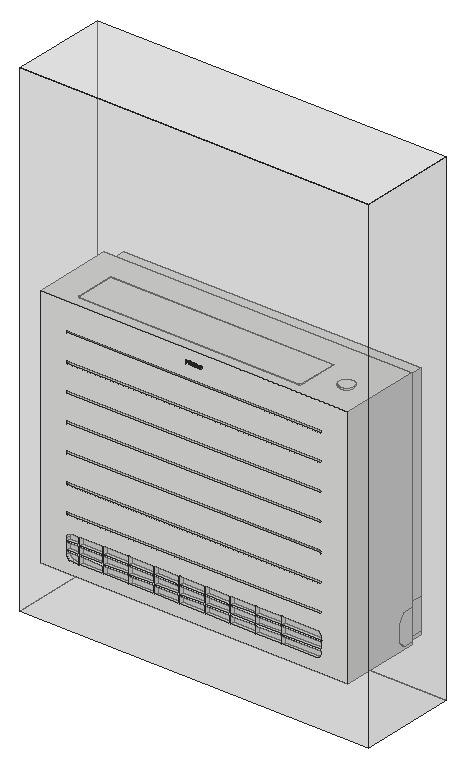
Revit family "outputfile", category 機械設備, Revit 2024
Family settings
  丸型コネクタ寸法 = 半径を使用
  パーツ タイプ = 標準
  OmniClass 番号 = 23.75.10.24.21.27.27
  OmniClass タイトル = Split System Air Conditioning Units
  作業面ベース = いいえ
  常に垂直 = はい
  ロード時にボイドで切り取り = いいえ
  注釈の向きを維持 = いいえ
  共有 = いいえ
  部屋計算ポイント = いいえ
Parameters (values of type "FVXM35YVMA")
  Description = ""
  書き出し IFC クラス(タイプ) = "IfcUnitaryEquipmentType"
  定義済み IFC タイプ(タイプ) = "AIRCONDITIONINGUNIT"
  Cost = 0
  Type Comments = ""
  Keynote = ""
  Type Image = (empty or 0)
  Assembly Code = ""
  switch_frequency = yes
  lw_powersupply [instance] = if(or(Rear Right Connection_refrigerant, Bottom Right Connection_refrigerant), 40.0 mm, if(or(Rear Left Connection_refrigerant, Bottom Left Connection_refrigerant), 630.0 mm, 40.0 mm))  # 40.0 mm
  lw_liquidpipe [instance] = if(or(Rear Right Connection_refrigerant, Bottom Right Connection_refrigerant), 60.0 mm, if(or(Rear Left Connection_refrigerant, Bottom Left Connection_refrigerant), 650.0 mm, 60.0 mm))  # 60.0 mm
  lw_gaspipe [instance] = if(or(Rear Right Connection_refrigerant, Bottom Right Connection_refrigerant), 60.0 mm, if(or(Rear Left Connection_refrigerant, Bottom Left Connection_refrigerant), 650.0 mm, 60.0 mm))  # 60.0 mm
  lw_drainpipe [instance] = if(or(Rear Right Connection_refrigerant, Bottom Right Connection_refrigerant), 80.0 mm, if(or(Rear Left Connection_refrigerant, Bottom Left Connection_refrigerant), 680.0 mm, 80.0 mm))  # 80.0 mm
  lh_liquidpipe [instance] = if(or(Bottom Left Connection_refrigerant, Bottom Right Connection_refrigerant), 258.0 mm, 60.0 mm)  # 60.0 mm
  lh_gaspipe [instance] = if(or(Bottom Left Connection_refrigerant, Bottom Right Connection_refrigerant), 211.0 mm, 40.0 mm)  # 40.0 mm
  lh_drainpipe [instance] = if(or(Bottom Left Connection_refrigerant, Bottom Right Connection_refrigerant), 95.0 mm, 20.0 mm)  # 20.0 mm
  ld_liquidpipe [instance] = if(or(Rear Left Connection_refrigerant, Rear Right Connection_refrigerant), 147.0 mm, 40.0 mm)  # 40.0 mm
  ld_gaspipe [instance] = if(or(Rear Left Connection_refrigerant, Rear Right Connection_refrigerant), 130.0 mm, 30.0 mm)  # 30.0 mm
  ld_drainpipe [instance] = if(or(Rear Left Connection_refrigerant, Rear Right Connection_refrigerant), 123.0 mm, 30.0 mm)  # 30.0 mm
  l_powersupply_length [instance] = if(Right Connection_refrigerant, 40.0 mm - 14.0 mm, if(Left Connection_refrigerant, 750.0 mm - 40.0 mm - 14.0 mm, if(or(Rear Left Connection_refrigerant, Rear Right Connection_refrigerant), 30.0 mm, 74.0 mm)))  # 26.0 mm
  l_liquidpipe_length [instance] = if(Right Connection_refrigerant, 60.0 mm - 14.0 mm, if(Left Connection_refrigerant, 750.0 mm - 60.0 mm - 14.0 mm, if(or(Rear Left Connection_refrigerant, Rear Right Connection_refrigerant), 147.0 mm, 258.0 mm)))  # 46.0 mm
  l_gaspipe_length [instance] = if(Right Connection_refrigerant, 60.0 mm - 14.0 mm, if(Left Connection_refrigerant, 750.0 mm - 60.0 mm - 14.0 mm, if(or(Rear Left Connection_refrigerant, Rear Right Connection_refrigerant), 130.0 mm, 211.0 mm)))  # 46.0 mm
  l_drainpipe_length [instance] = if(Right Connection_refrigerant, 80.0 mm - 14.0 mm, if(Left Connection_refrigerant, 750.0 mm - 80.0 mm - 14.0 mm, if(or(Rear Left Connection_refrigerant, Rear Right Connection_refrigerant), 123.0 mm, 95.0 mm)))  # 66.0 mm
  daikin_mountinghole = Depth = 350.0 mm  # no
  connector_voltage = Voltage_60Hz  # 220 V
  connector_powerinput = [Power Input (Cooling)]  # 0.830 kW
  connector_phase = Phase_60Hz  # 1
  angle_vertical [instance] = if(or(Bottom Left Connection_refrigerant, Bottom Right Connection_refrigerant), 0.00°, 90.00°)  # 90.00°
  angle_horizontal [instance] = if(Right Connection_refrigerant, 90.00°, if(Left Connection_refrigerant, -90.00°, if(or(Rear Left Connection_refrigerant, Rear Right Connection_refrigerant), 180.00°, 0.00°)))  # 90.00°
  Voltage_comment_60Hz = "220-230"
  Voltage_comment_50Hz = "220 - 240"
  Voltage_60Hz = 220 V
  Voltage_50Hz = 230 V
  URL = ""
  Total Heating Capacity [instance] = 0.000 kW
  Right Connection_refrigerant [instance] = yes
  製造元 = "Daikin"
  モデル = "FVXM35YVMA"
  r_Liquid Pipe Size = Liquid Pipe Size / 2  # 3.2 mm
  r_Gas Pipe Size = Gas Pipe Size / 2  # 4.75 mm
  r_Drain Pipe Size = Drain Pipe Size / 2  # 8.0 mm
  h*** = 0.0 mm  # constant formula
  Width = 750.0 mm
  Version = "ver.1.0"
  Unit Type = "Floor Standing"
  Unit Mass Weight = 18.00 kg
  Unit Designation [instance] = ""
  Uniclass2015Version = "Products v1.30"
  Uniclass2015Title = "Split coil room air conditioning units"
  Uniclass2015Code = "Pr_70_65_03_86"
  Total Cooling Capacity [instance] = 0.000 kW
  Sound Pressure Level_M speed (dBA) = 33
  Sound Pressure Level_L speed (dBA) = 27
  Sound Pressure Level_H speed (dBA) = 39
  Sound Power Level_H speed (dB) = 0
  Series = "Single Split_Fan Coil Unit"
  Sensible Cooling Capacity [instance] = 0.000 kW
  Refrigerant Type = "R32"
  Rear Right Connection_refrigerant [instance] = no
  Rear Left Connection_refrigerant [instance] = no
  Power Input (Heating) = 1.120 kW
  Power Input (Cooling) = 0.830 kW
  Phase_60Hz = 1
  Phase_50Hz = 1
  Option Accessory 3 [instance] = ""
  Option Accessory 2 [instance] = ""
  Option Accessory 1 [instance] = ""
  Nominal Heating Capacity = 4.500 kW
  Nominal Cooling Capacity = 3.500 kW
  Minimum External Static Pressure = 0.00 Pa
  Minimum Circuit Amps_60Hz = 0.0 A
  Minimum Circuit Amps_50Hz = 0.0 A
  Minimum Airflow = 306.00 m³/h
  Median Airflow = 402.00 m³/h
  Maximum Fuse Amps_60Hz = 0.0 A
  Maximum Fuse Amps_50Hz = 0.0 A
  Maximum External Static Pressure = 0.00 Pa
  Maximum Airflow = 540.00 m³/h
  Material_Casing = DAIKIN_White_Casing_indoorunit
  Load Classification = HVAC
  Liquid Pipe Size = 6.4 mm
  Link_Nested Family [instance] = ""
  Left Connection_refrigerant [instance] = no
  IfcVersion = ""
  IfcExportType = "AIRCONDITIONINGUNIT"
  IfcExportAs = "IfcUnitaryEquipmentType"
  Height = 600.0 mm
  Heating Entering Wet Bulb Temperature [instance] = -273.15 °C
  Heating Entering Dry Bulb Temperature [instance] = -273.15 °C
  Heating Ambient Wet Bulb Temperature [instance] = -273.15 °C
  Heating Ambient Dry Bulb Temperature [instance] = -273.15 °C
  Heat Exchanger Type = "Cross Fin Coil"
  Gas Pipe Size = 9.5 mm
  Frequency_60Hz = 60 Hz
  Frequency_50Hz = 50 Hz
  Fan Type = "Turbo Fan"
  Fan Drive = "-"
  FCU Tag No. [instance] = ""
  Drain Pipe Size = 16.0 mm
  Design Supply Airflow [instance] = 0.00 m³/h
  Design External Static Pressure [instance] = 0.00 Pa
  Depth = 238.0 mm
  既定の高さ = 0.0 mm
  Cooling Entering Wet Bulb Temperature [instance] = 0.00 °C
  Cooling Entering Dry Bulb Temperature [instance] = 0.00 °C
  Cooling Ambient Wet Bulb Temperature [instance] = 0.00 °C
  Cooling Ambient Dry Bulb Temperature [instance] = 0.00 °C
  Clearance visibility [instance] = yes
  Clearance Top = 467.0 mm
  Clearance Right = 50.0 mm
  Clearance Rear = 0.0 mm
  Clearance Left = 50.0 mm
  Clearance Front = 0.0 mm
  Clearance Bottom = 120.0 mm
  Bottom Right Connection_refrigerant [instance] = no
  Bottom Left Connection_refrigerant [instance] = no
Reference planes
  plane 1: z = 0
  plane 2 "Center (Left/Right)": x = 0
  plane 3 "Center (Front/Back)": y = -23
  plane 4 "Front": y = -142
  plane 5: x = 315
  plane 6: x = 315
  plane 7: z = 0
  plane 8: z = 467
  plane 9: z = -720
  plane 10: x = -425
  plane 11: x = 425
  plane 12: y = -142
  plane 13: y = 96
  plane 14 "Bottom": z = -600
  plane 15 "Left": x = -375
  plane 16 "Right": x = 375
  plane 17 "Top": z = 0
  plane 18 "Back": y = 96
  plane 19 "lh_drainpipe": z = -580
  plane 20 "ld_liquidpipe_gaspipe": y = 56
  plane 21 "ld_drainpipe": y = 66
  plane 22 "ld_powersupply": y = 66
  plane 23 "lh_liquidpipe": z = -540
  plane 24 "lh_gaspipe": z = -560
  plane 25 "ld_gaspipe": y = 66
  plane 26 "lw_drainpipe": x = 295
  plane 27 "lw_powersupply": x = 335
  plane 28 "lh_powersupply": z = -526
Dimensions and locks
  "Width": plane 16 "Right" to plane 15 "Left"
  equal spacing: plane 16 "Right", plane 2 "Center (Left/Right)", plane 15 "Left"
  "Clearance Rear": plane 13 to plane 18 "Back"
  "Clearance Right": plane 11 to plane 16 "Right"
  "Clearance Left": plane 15 "Left" to plane 10
  "Clearance Top": plane 8 to plane 17 "Top"
  "Clearance Bottom": plane 14 "Bottom" to plane 9
  "Height": plane 1 to plane 14 "Bottom"
  equal spacing: plane 18 "Back", plane 3 "Center (Front/Back)", plane 4 "Front"
  "Depth": plane 18 "Back" to plane 4 "Front"
  "Clearance Front": plane 4 "Front" to plane 12
  "ld_liquidpipe": plane 18 "Back" to plane 20 "ld_liquidpipe_gaspipe"
  "lh_liquidpipe": plane 23 "lh_liquidpipe" to plane 14 "Bottom"
  "lw_liquidpipe": plane 6 to plane 16 "Right"
  "ld_gaspipe": plane 18 "Back" to plane 25 "ld_gaspipe"
  "lw_gaspipe": plane 5 to plane 16 "Right"
  "lh_gaspipe": plane 24 "lh_gaspipe" to plane 14 "Bottom"
  "lh_drainpipe": plane 19 "lh_drainpipe" to plane 14 "Bottom"
  "lw_drainpipe": plane 26 "lw_drainpipe" to plane 16 "Right"
  "ld_drainpipe": plane 18 "Back" to plane 21 "ld_drainpipe"
  "lw_powersupply": plane 27 "lw_powersupply" to plane 16 "Right"
  locked: plane 18 "Back" to plane 22 "ld_powersupply" at 30
  locked: plane 28 "lh_powersupply" to plane 14 "Bottom" at 74
  aligned and locked: level to plane 1
  aligned and locked: nested 1 to plane 13
  aligned and locked: nested 1 to plane 12
  aligned and locked: plane 8 to nested 1
  aligned and locked: plane 9 to nested 1
  aligned and locked: plane 10 to nested 1
  aligned and locked: plane 11 to nested 1
  aligned and locked: nested 2 to plane 18 "Back"
  aligned and locked: plane 2 "Center (Left/Right)" to nested 2
  aligned and locked: plane 17 "Top" to nested 2
  aligned and locked: nested 3 to plane 20 "ld_liquidpipe_gaspipe"
  aligned and locked: plane 6 to nested 3
  aligned and locked: nested 4 to plane 25 "ld_gaspipe"
  aligned and locked: plane 5 to nested 4
  aligned and locked: plane 26 "lw_drainpipe" to nested 5
  aligned and locked: nested 5 to plane 21 "ld_drainpipe"
  aligned and locked: plane 27 "lw_powersupply" to nested 6
  aligned and locked: nested 6 to plane 22 "ld_powersupply"
  aligned and locked: plane 17 "Top" to plane 1
Nested families
  nested 1: "daikin_clearancespace" at (0, -23, -126.381), visible <- "Clearance visibility", show <- "Clearance visibility", Link_Nested Family <- "Link_Nested Family", type "daikin_clearancespace"
    with width 850.0 mm, show yes, height 1187.0 mm, depth 238.0 mm, Link_Nested Family ""
  nested 2: "DAIKIN_indoorunit_FVXM-YVMA" at (-31, 96, 0), type "FVXM-YVMA"
  nested 3: "daikin_connector_rotate3" at (315, 56, -540), angle_vertical <- "angle_vertical", angle_horizontal <- "angle_horizontal", radius <- "r_Liquid Pipe Size", length <- "l_liquidpipe_length", type "daikin_connector_rotate3"
    with show no, radius 3.2 mm, length 46.0 mm, angle_vertical 90.00°, angle_horizontal 90.00°
  nested 4: "daikin_connector_rotate3" at (315, 66, -560), angle_vertical <- "angle_vertical", angle_horizontal <- "angle_horizontal", length <- "l_gaspipe_length", radius <- "r_Gas Pipe Size", type "daikin_connector_rotate3"
    with show no, radius 4.75 mm, length 46.0 mm, angle_vertical 90.00°, angle_horizontal 90.00°
  nested 5: "daikin_connector_rotate3" at (295, 66, -580), angle_vertical <- "angle_vertical", angle_horizontal <- "angle_horizontal", length <- "l_drainpipe_length", radius <- "r_Drain Pipe Size", type "daikin_connector_rotate3"
    with show no, radius 8.0 mm, length 66.0 mm, angle_vertical 90.00°, angle_horizontal 90.00°
  nested 6: "daikin_connector_rotate3" at (335, 66, -526), angle_vertical <- "angle_vertical", angle_horizontal <- "angle_horizontal", length <- "l_powersupply_length", type "daikin_connector_rotate3"
    with show no, radius 10.0 mm, length 26.0 mm, angle_vertical 90.00°, angle_horizontal 90.00°
Connectors
  piping at (361, 56, -540), diameter 6.4, driven by "r_Liquid Pipe Size"
    settings: on nested 3, index 1, connector inside diameter 609.6 mm, connector length 0.0 mm, flow factor 0, pipe flow 0.00 m³/h, pressure drop 0.0 Pa, fitting loss kfactor 0, connector angle 0.00°, fixture units 0, engagement length 0.0 mm, angle of deflection 0.00°, flow configuration 1, flow direction 1, fitting loss method 0, system type 29, joint type 0, gender type 0, connector reference index -1, connector utility 0, adjustable connector no, is connector primary yes, connector description "Refrigerant Liquid Piping"
  piping at (361, 66, -560), diameter 9.5, driven by "r_Gas Pipe Size"
    settings: on nested 4, index 2, connector inside diameter 609.6 mm, connector length 0.0 mm, flow factor 0, pipe flow 0.00 m³/h, pressure drop 0.0 Pa, fitting loss kfactor 0, connector angle 0.00°, fixture units 0, engagement length 0.0 mm, angle of deflection 0.00°, flow configuration 1, flow direction 2, fitting loss method 0, system type 29, joint type 0, gender type 0, connector reference index -1, connector utility 0, adjustable connector no, is connector primary no, connector description "Refrigerant Gas Piping"
  piping at (361, 66, -580), diameter 16, driven by "r_Drain Pipe Size"
    settings: on nested 5, index 3, connector inside diameter 609.6 mm, connector length 0.0 mm, flow factor 0, pipe flow 0.00 m³/h, pressure drop 0.0 Pa, fitting loss kfactor 0, connector angle 0.00°, fixture units 0, engagement length 0.0 mm, angle of deflection 0.00°, flow configuration 1, flow direction 2, fitting loss method 4, system type 16, joint type 0, gender type 0, connector reference index -1, connector utility 0, adjustable connector no, is connector primary no, connector description "Condensate Drain Piping"
  electrical at (361, 66, -526), driven by "connector_phase", driven by "Load Classification", driven by "connector_voltage", driven by "connector_powerinput"
    settings: on nested 6, index 4, voltage 220 V, apparent load 830 VA, apparent load phase1 0 VA, apparent load phase2 0 VA, apparent load phase3 0 VA, power factor 1, load classification "HVAC", number of poles 1, system type 30, power factor state 1, is connector primary yes, connector utility no, sub classification motor no, connector description "Power Supply"
Definition of nested family "daikin_clearancespace"
  Parameters (values of type "daikin_clearancespace")
    Description = "daikin_clearancespace"
    width [instance] = 1823.963 mm
    show [instance] = yes
    material = none
    height [instance] = 1359.762 mm
    depth [instance] = 880.0 mm
    Default Elevation = 0.0 mm
    Link_Nested Family [instance] = ""
  Reference planes
    plane 1 "Center (Front/Back)": y = 0
    plane 2 "Center (Elevation)": z = -0.119
    plane 3 "Center (Left/Right)": x = 0
    plane 4: y = 440
    plane 5: y = -440
    plane 6 "Right": x = 911.982
    plane 7 "Left": x = -911.982
    plane 8 "Top": z = 679.762
    plane 9 "Bottom": z = -680
  Forms (mm)
    Extrusion 1, solid, material <- "material", visible <- "show"
      sketch origin (0, 0, 0) x (1, 0, 0) y (0, 1, 0)
        loop
          line (-911.982, 440) -> (-911.982, -440) -> (911.982, -440) -> (911.982, 440) -> (-911.982, 440)
      from -680 to 679.762
  Lines and regions (mm)
    symbolic lines, visible <- "show"
      curve 1: line (911.982, 440, 0) -> (-911.982, 440, 0)
      curve 2: line (-911.982, 440, 0) -> (-911.982, -440, 0)
      curve 3: line (-911.982, -440, 0) -> (911.982, -440, 0)
      curve 4: line (911.982, -440, 0) -> (911.982, 440, 0)
      curve 5: line (911.982, 0, 679.762) -> (-911.982, 0, 679.762)
      curve 6: line (911.982, 0, -680) -> (911.982, 0, 679.762)
      curve 7: line (-911.982, 0, -680) -> (911.982, 0, -680)
      curve 8: line (-911.982, 0, 679.762) -> (-911.982, 0, -680)
      curve 9: line (0, 440, 679.762) -> (0, -440, 679.762)
      curve 10: line (0, -440, 679.762) -> (0, -440, -680)
      curve 11: line (0, 440, -680) -> (0, 440, 679.762)
      curve 12: line (0, -440, -680) -> (0, 440, -680)
  Dimensions and locks
    "width": plane 7 "Left" to plane 6 "Right"
    "depth": plane 4 to plane 5
    "height": plane 8 "Top" to plane 9 "Bottom"
    equal spacing: plane 7 "Left", plane 3 "Center (Left/Right)", plane 6 "Right"
    equal spacing: plane 4, plane 1 "Center (Front/Back)", plane 5
    equal spacing: plane 8 "Top", plane 2 "Center (Elevation)", plane 9 "Bottom"
    aligned and locked: level to plane 2 "Center (Elevation)"
    aligned and locked: Extrusion 1 sketch curve to plane 4
    aligned and locked: plane 7 "Left" to Extrusion 1 sketch curve
    aligned and locked: Extrusion 1 sketch curve to plane 5
    aligned and locked: Extrusion 1 sketch curve to plane 6 "Right"
    aligned and locked: plane 8 "Top" to Extrusion 1
    aligned and locked: curve 1 to Extrusion 1
    aligned and locked: curve 2 to Extrusion 1
    aligned and locked: curve 3 to Extrusion 1
    aligned and locked: curve 4 to Extrusion 1
    aligned and locked: curve 5 to Extrusion 1
    aligned and locked: curve 6 to Extrusion 1
    aligned and locked: curve 7 to Extrusion 1
    aligned and locked: curve 8 to Extrusion 1
    aligned and locked: curve 9 to Extrusion 1
    aligned and locked: curve 10 to Extrusion 1
    aligned and locked: curve 11 to Extrusion 1
    aligned and locked: curve 12 to Extrusion 1
    aligned and locked: Extrusion 1 to plane 9 "Bottom"
Definition of nested family "DAIKIN_indoorunit_FVXM-YVMA"
  Parameters (values of type "FVXM-YVMA")
    Width = 750.0 mm
    Material_Casing = none
    Height = 600.0 mm
    Default Elevation = 0.0 mm
  Reference planes
    plane 1 "Center (Front/Back)": y = 0
    plane 2 "reference_level": z = 0
    plane 3 "Center (Left/Right)": x = 31
    plane 4: x = -330
    plane 5: x = 392
    plane 6: z = -600
    plane 7: y = -238
    plane 8: x = -344
    plane 9: x = 406
    plane 10: z = -600
  Forms (mm)
    Extrusion 1, solid, material <- "Material_Casing"
      sketch origin (392, 3296.25, 1200) x (0, -1, 0) y (0, 0, 1)
        loop
          line (3296.25, -1715) -> (3296.25, -1790.3) -> (3314.25, -1790.3) -> (3341.25, -1790.3) -> (3341.25, -1715) -> (3312.25, -1715) -> (3296.25, -1715)
      from 0 to 5
    Extrusion 2, solid, material <- "Material_Casing"
      sketch origin (31, 2200, -600) x (-1, 0, 0) y (0, -1, 0)
        loop
          line (-276, 2220.469) -> (-276, 2333)
          arc (-276, 2333) -> (-280.393, 2343.607) -> (-291, 2348) r 15
          line (-291, 2348) -> (-331, 2348)
          arc (-331, 2348) -> (-341.607, 2343.607) -> (-346, 2333) r 15
          line (-346, 2333) -> (-346, 2220.469) -> (-276, 2220.469)
        loop
          arc (346, 2280.031) -> (344.335, 2283.756) -> (340.448, 2285) r 5
          line (340.448, 2285) -> (235.887, 2285)
          arc (235.887, 2285) -> (232.431, 2283.569) -> (231, 2280.113) r 4.887
          line (231, 2280.113) -> (231, 2220.469) -> (346, 2220.469) -> (346, 2280.031)
      from 0 to 5
    Extrusion 3, solid, material <- "Material_Casing"
      sketch origin (31, 2000, -50) x (0, 1, 0) y (0, 0, 1)
        loop
          line (-2045, 33) -> (-2045, -550) -> (-2000, -550) -> (-2000, 33) -> (-2045, 33)
      from -361 to 361
    Extrusion 4, solid, material <- "Material_Casing"
      sketch origin (31, 0, 0) x (1, 0, 0) y (0, 0, 1)
        loop
          circle (296, -542) r 58
        loop
          circle (-296, -542) r 58
      from 0 to 18
    Extrusion 5, solid, material <- "Material_Casing"
      sketch origin (-344, 3296.25, 1200) x (0, -1, 0) y (0, 0, -1)
        loop
          line (3341.25, 1715) -> (3355.25, 1715)
          arc (3355.25, 1715) -> (3370.807, 1721.444) -> (3377.25, 1737) r 22
          line (3377.25, 1737) -> (3377.25, 1768.3)
          arc (3377.25, 1768.3) -> (3370.807, 1783.856) -> (3355.25, 1790.3) r 22
          line (3355.25, 1790.3) -> (3341.25, 1790.3) -> (3341.25, 1715)
      from 0 to 5
    Extrusion 6, solid, material <- "Material_Casing"
      sketch origin (31, 0, 0) x (0, 1, 0) y (0, 0, 1)
        loop
          line (-238, -2) -> (-238, -596) -> (-229.5, -596) -> (-229.5, -600) -> (-45, -600) -> (-45, -2) -> (-238, -2)
      from -375 to 375
    Extrusion 7, void
      sketch origin (-663.497, -183, 1200) x (-1, 0, 0) y (0, 0, 1)
        loop
          line (-333.497, -1796) -> (-333.497, -1826) -> (-298.497, -1826) -> (-298.497, -1796) -> (-333.497, -1796)
        loop
          line (-1055.497, -1796) -> (-1090.497, -1796) -> (-1090.497, -1826) -> (-1055.497, -1826) -> (-1055.497, -1796)
      from -55 to 495
    Extrusion 8, solid, material <- "Material_Casing"
      sketch origin (0, 0, 0) x (1, 0, 0) y (0, 1, 0)
        loop
          circle (339.5, -158.981) r 18
      from -2 to 0
    Extrusion 9, void
      sketch origin (0, 0, 0) x (1, 0, 0) y (0, 1, 0)
        loop
          arc (-269.293, -211.674) -> (-2.048, -218.025) -> (265.245, -214.192) r 7016.372
          arc (265.245, -214.192) -> (268.673, -212.671) -> (270.079, -209.195) r 5
          line (270.079, -209.195) -> (270.079, -111.981) -> (-274.079, -111.981) -> (-274.079, -206.679)
          arc (-274.079, -206.679) -> (-272.689, -210.138) -> (-269.293, -211.674) r 5
      from -10 to 0
    Extrusion 10, solid, material <- "Material_Casing"
      sketch origin (0, 0, 0) x (1, 0, 0) y (0, 1, 0)
        loop
          arc (265.245, -214.192) -> (268.673, -212.671) -> (270.079, -209.195) r 5
          line (270.079, -209.195) -> (270.079, -111.981) -> (-274.079, -111.981) -> (-274.079, -206.679)
          arc (-274.079, -206.679) -> (-272.689, -210.138) -> (-269.293, -211.674) r 5
          arc (-269.293, -211.674) -> (-2.048, -218.025) -> (265.245, -214.192) r 7016.372
      from -10 to -2
    Extrusion 11, void
      sketch origin (-663.497, -183, 1200) x (-1, 0, 0) y (0, 0, 1)
        loop
          arc (-1002.372, -1264.5) -> (-1004.14, -1265.232) -> (-1004.872, -1267) r 2.5
          line (-1004.872, -1267) -> (-1004.872, -1269)
          arc (-1004.872, -1269) -> (-1004.286, -1270.414) -> (-1002.872, -1271) r 2
          line (-1002.872, -1271) -> (-386.123, -1271)
          arc (-386.123, -1271) -> (-384.709, -1270.414) -> (-384.123, -1269) r 2
          line (-384.123, -1269) -> (-384.123, -1267)
          arc (-384.123, -1267) -> (-384.855, -1265.232) -> (-386.623, -1264.5) r 2.5
          line (-386.623, -1264.5) -> (-1002.372, -1264.5)
        loop
          arc (-1002.372, -1330.5) -> (-1004.14, -1331.232) -> (-1004.872, -1333) r 2.5
          line (-1004.872, -1333) -> (-1004.872, -1335)
          arc (-1004.872, -1335) -> (-1004.286, -1336.414) -> (-1002.872, -1337) r 2
          line (-1002.872, -1337) -> (-386.123, -1337)
          arc (-386.123, -1337) -> (-384.709, -1336.414) -> (-384.123, -1335) r 2
          line (-384.123, -1335) -> (-384.123, -1333)
          arc (-384.123, -1333) -> (-384.855, -1331.232) -> (-386.623, -1330.5) r 2.5
          line (-386.623, -1330.5) -> (-1002.372, -1330.5)
        loop
          arc (-1002.372, -1396.5) -> (-1004.14, -1397.232) -> (-1004.872, -1399) r 2.5
          line (-1004.872, -1399) -> (-1004.872, -1401)
          arc (-1004.872, -1401) -> (-1004.286, -1402.414) -> (-1002.872, -1403) r 2
          line (-1002.872, -1403) -> (-386.123, -1403)
          arc (-386.123, -1403) -> (-384.709, -1402.414) -> (-384.123, -1401) r 2
          line (-384.123, -1401) -> (-384.123, -1399)
          arc (-384.123, -1399) -> (-384.855, -1397.232) -> (-386.623, -1396.5) r 2.5
          line (-386.623, -1396.5) -> (-1002.372, -1396.5)
        loop
          arc (-1002.372, -1462.5) -> (-1004.14, -1463.232) -> (-1004.872, -1465) r 2.5
          line (-1004.872, -1465) -> (-1004.872, -1467)
          arc (-1004.872, -1467) -> (-1004.286, -1468.414) -> (-1002.872, -1469) r 2
          line (-1002.872, -1469) -> (-386.123, -1469)
          arc (-386.123, -1469) -> (-384.709, -1468.414) -> (-384.123, -1467) r 2
          line (-384.123, -1467) -> (-384.123, -1465)
          arc (-384.123, -1465) -> (-384.855, -1463.232) -> (-386.623, -1462.5) r 2.5
          line (-386.623, -1462.5) -> (-1002.372, -1462.5)
        loop
          arc (-1002.372, -1528.5) -> (-1004.14, -1529.232) -> (-1004.872, -1531) r 2.5
          line (-1004.872, -1531) -> (-1004.872, -1533)
          arc (-1004.872, -1533) -> (-1004.286, -1534.414) -> (-1002.872, -1535) r 2
          line (-1002.872, -1535) -> (-386.123, -1535)
          arc (-386.123, -1535) -> (-384.709, -1534.414) -> (-384.123, -1533) r 2
          line (-384.123, -1533) -> (-384.123, -1531)
          arc (-384.123, -1531) -> (-384.855, -1529.232) -> (-386.623, -1528.5) r 2.5
          line (-386.623, -1528.5) -> (-1002.372, -1528.5)
        loop
          arc (-1002.372, -1594.5) -> (-1004.14, -1595.232) -> (-1004.872, -1597) r 2.5
          line (-1004.872, -1597) -> (-1004.872, -1599)
          arc (-1004.872, -1599) -> (-1004.286, -1600.414) -> (-1002.872, -1601) r 2
          line (-1002.872, -1601) -> (-386.123, -1601)
          arc (-386.123, -1601) -> (-384.709, -1600.414) -> (-384.123, -1599) r 2
          line (-384.123, -1599) -> (-384.123, -1597)
          arc (-384.123, -1597) -> (-384.855, -1595.232) -> (-386.623, -1594.5) r 2.5
          line (-386.623, -1594.5) -> (-1002.372, -1594.5)
        loop
          arc (-1002.372, -1660.5) -> (-1004.14, -1661.232) -> (-1004.872, -1663) r 2.5
          line (-1004.872, -1663) -> (-1004.872, -1665)
          arc (-1004.872, -1665) -> (-1004.286, -1666.414) -> (-1002.872, -1667) r 2
          line (-1002.872, -1667) -> (-386.123, -1667)
          arc (-386.123, -1667) -> (-384.709, -1666.414) -> (-384.123, -1665) r 2
          line (-384.123, -1665) -> (-384.123, -1663)
          arc (-384.123, -1663) -> (-384.855, -1661.232) -> (-386.623, -1660.5) r 2.5
          line (-386.623, -1660.5) -> (-1002.372, -1660.5)
        loop
          line (-907.024, -1705.5) -> (-907.024, -1724.25) -> (-845.397, -1724.25) -> (-845.397, -1705.5) -> (-907.024, -1705.5)
        loop
          line (-396.123, -1705.5) -> (-412.997, -1705.5) -> (-412.997, -1724.137) -> (-384.123, -1724.137) -> (-384.123, -1717.5)
          arc (-384.123, -1717.5) -> (-387.637, -1709.015) -> (-396.123, -1705.5) r 12
        loop
          line (-1004.872, -1724.399) -> (-908.997, -1724.399) -> (-908.997, -1705.5) -> (-992.872, -1705.5)
          arc (-992.872, -1705.5) -> (-1001.357, -1709.015) -> (-1004.872, -1717.5) r 12
          line (-1004.872, -1717.5) -> (-1004.872, -1724.399)
        loop
          line (-721.597, -1705.5) -> (-781.498, -1705.5) -> (-781.498, -1724.25) -> (-721.597, -1724.25) -> (-721.597, -1705.5)
        loop
          line (-783.497, -1705.5) -> (-843.398, -1705.5) -> (-843.398, -1724.25) -> (-783.497, -1724.25) -> (-783.497, -1705.5)
        loop
          line (-597.797, -1705.5) -> (-657.698, -1705.5) -> (-657.698, -1724.25) -> (-597.797, -1724.25) -> (-597.797, -1705.5)
        loop
          line (-659.697, -1705.5) -> (-719.598, -1705.5) -> (-719.598, -1724.25) -> (-659.697, -1724.25) -> (-659.697, -1705.5)
        loop
          line (-473.997, -1705.5) -> (-533.898, -1705.5) -> (-533.898, -1724.25) -> (-473.997, -1724.25) -> (-473.997, -1705.5)
        loop
          line (-535.897, -1705.5) -> (-595.798, -1705.5) -> (-595.798, -1724.25) -> (-535.897, -1724.25) -> (-535.897, -1705.5)
        loop
          line (-414.913, -1705.5) -> (-471.998, -1705.5) -> (-471.998, -1724.25) -> (-414.973, -1724.25) -> (-414.913, -1705.5)
        loop
          line (-907.024, -1766.5) -> (-845.397, -1766.5) -> (-845.397, -1747.75) -> (-907.024, -1747.75) -> (-907.024, -1766.5)
        loop
          arc (-396.123, -1766.5) -> (-387.637, -1762.985) -> (-384.123, -1754.5) r 12
          line (-384.123, -1754.5) -> (-384.123, -1747.863) -> (-412.997, -1747.863) -> (-412.997, -1766.5) -> (-396.123, -1766.5)
        loop
          line (-1004.872, -1747.601) -> (-1004.872, -1754.5)
          arc (-1004.872, -1754.5) -> (-1001.357, -1762.985) -> (-992.872, -1766.5) r 12
          line (-992.872, -1766.5) -> (-908.997, -1766.5) -> (-908.997, -1747.601) -> (-1004.872, -1747.601)
        loop
          line (-721.597, -1766.5) -> (-721.597, -1747.75) -> (-781.498, -1747.75) -> (-781.498, -1766.5) -> (-721.597, -1766.5)
        loop
          line (-783.497, -1766.5) -> (-783.497, -1747.75) -> (-843.398, -1747.75) -> (-843.398, -1766.5) -> (-783.497, -1766.5)
        loop
          line (-597.797, -1766.5) -> (-597.797, -1747.75) -> (-657.698, -1747.75) -> (-657.698, -1766.5) -> (-597.797, -1766.5)
        loop
          line (-659.697, -1766.5) -> (-659.697, -1747.75) -> (-719.598, -1747.75) -> (-719.598, -1766.5) -> (-659.697, -1766.5)
        loop
          line (-473.997, -1766.5) -> (-473.997, -1747.75) -> (-533.898, -1747.75) -> (-533.898, -1766.5) -> (-473.997, -1766.5)
        loop
          line (-535.897, -1766.5) -> (-535.897, -1747.75) -> (-595.798, -1747.75) -> (-595.798, -1766.5) -> (-535.897, -1766.5)
        loop
          line (-414.913, -1766.5) -> (-414.973, -1747.75) -> (-471.998, -1747.75) -> (-471.998, -1766.5) -> (-414.913, -1766.5)
        loop
          line (-384.123, -1726.863) -> (-412.997, -1726.863) -> (-412.997, -1745.137) -> (-384.123, -1745.137) -> (-384.123, -1726.863)
        loop
          line (-471.998, -1745.25) -> (-415.039, -1745.25) -> (-415.039, -1726.863) -> (-471.998, -1726.863) -> (-471.998, -1745.25)
        loop
          line (-533.897, -1745.25) -> (-473.997, -1745.25) -> (-473.997, -1726.863) -> (-533.897, -1726.863) -> (-533.897, -1745.25)
        loop
          line (-595.797, -1745.25) -> (-535.897, -1745.25) -> (-535.897, -1726.863) -> (-595.797, -1726.863) -> (-595.797, -1745.25)
        loop
          line (-657.697, -1745.25) -> (-597.797, -1745.25) -> (-597.797, -1726.863) -> (-657.697, -1726.863) -> (-657.697, -1745.25)
        loop
          line (-719.597, -1745.25) -> (-659.697, -1745.25) -> (-659.697, -1726.863) -> (-719.597, -1726.863) -> (-719.597, -1745.25)
        loop
          line (-781.497, -1745.25) -> (-721.597, -1745.25) -> (-721.597, -1726.863) -> (-781.497, -1726.863) -> (-781.497, -1745.25)
        loop
          line (-843.397, -1745.25) -> (-783.497, -1745.25) -> (-783.497, -1726.863) -> (-843.397, -1726.863) -> (-843.397, -1745.25)
        loop
          line (-906.955, -1745.25) -> (-845.397, -1745.25) -> (-845.397, -1726.863) -> (-906.955, -1726.863) -> (-906.955, -1745.25)
        loop
          line (-1004.872, -1745.25) -> (-908.997, -1745.25) -> (-908.997, -1726.863) -> (-1004.872, -1726.863) -> (-1004.872, -1745.25)
      from -200 to -45.918
    Extrusion 12, solid, material <- "Material_Casing"
      sketch origin (-330, 3296.25, 1200) x (0, -1, 0) y (0, 0, -1)
        loop
          line (3296.25, 1715) -> (3312.25, 1715) -> (3341.25, 1715) -> (3341.25, 1790.3) -> (3314.25, 1790.3) -> (3296.25, 1790.3) -> (3296.25, 1715)
      from 0 to 5
    Extrusion 13, solid, material <- "Material_Casing"
      sketch origin (406, 3296.25, 1200) x (0, -1, 0) y (0, 0, 1)
        loop
          line (3341.25, -1715) -> (3341.25, -1790.3) -> (3355.25, -1790.3)
          arc (3355.25, -1790.3) -> (3370.807, -1783.856) -> (3377.25, -1768.3) r 22
          line (3377.25, -1768.3) -> (3377.25, -1737)
          arc (3377.25, -1737) -> (3370.807, -1721.444) -> (3355.25, -1715) r 22
          line (3355.25, -1715) -> (3341.25, -1715)
      from 0 to 5
  Cuts and joins
    Extrusion 7, Extrusion 9, Extrusion 11 cuts Extrusion 6
    Extrusion 11 cuts Extrusion 3
  Lines and regions (mm)
    reference lines
      curve 1: line (0, -237.748, -22.637) -> (0, -237.748, -29.433)
  Dimensions and locks
    plane 5 to plane 4 = 722.0 mm
    Extrusion 4 sketch curve to plane 4 = 65.0 mm
    plane 5 to Extrusion 4 sketch curve = 65.0 mm
    Extrusion 4 sketch curve to plane 6 = 58.0 mm  (x2)
    equal spacing: plane 5, plane 3 "Center (Left/Right)", plane 4
    level to plane 6 = 600.0 mm
    equal spacing: plane 8, plane 3 "Center (Left/Right)", plane 9
    "Width": plane 8 to plane 9
    locked: plane 1 "Center (Front/Back)" to plane 7 at 238
    locked: plane 2 "reference_level" to plane 10 at 600
    locked: Extrusion 3 sketch curve to level at 600
    locked: plane 10 to Extrusion 1 sketch curve at 85
    locked: Extrusion 2 sketch curve to plane 1 "Center (Front/Back)" at 148
    locked: Extrusion 2 sketch curve to Extrusion 2 sketch curve at 70
    locked: Extrusion 2 sketch curve to plane 9 at 29
    locked: Extrusion 2 sketch curve to Extrusion 2 sketch curve at 115
    locked: plane 8 to Extrusion 2 sketch curve at 29
    locked: Extrusion 2 sketch curve to plane 1 "Center (Front/Back)" at 85
    locked: plane 10 to Extrusion 3 sketch curve at 583
    diameter of Extrusion 4 sketch curve = 116.0 mm  (x2)
    aligned and locked: level to plane 2 "reference_level"
  Automatic sketch dimensions
    Extrusion 1 sketch curve to plane 1 "Center (Front/Back)" = 0.0 mm
    plane 1 "Center (Front/Back)" to Extrusion 1 sketch curve = 16.0 mm
    plane 1 "Center (Front/Back)" to Extrusion 1 sketch curve = 18.0 mm
    Extrusion 1 sketch curve to Extrusion 1 sketch curve = 29.0 mm
    plane 10 to Extrusion 1 sketch curve = 9.7 mm
    Extrusion 2 sketch curve to Extrusion 2 sketch curve = 15.0 mm  (x2)
    Extrusion 2 sketch curve to Extrusion 2 sketch curve = 4.887 mm
    Extrusion 2 sketch curve to Extrusion 2 sketch curve = 5.552 mm
    Extrusion 2 sketch curve to Extrusion 2 sketch curve = 0.552 mm
    plane 1 "Center (Front/Back)" to Extrusion 2 sketch curve = 20.469 mm  (x2)
    Extrusion 3 sketch curve to plane 1 "Center (Front/Back)" = 0.0 mm
    plane 1 "Center (Front/Back)" to Extrusion 3 sketch curve = 45.0 mm
    plane 7 to curve 1 = 0.252 mm
    curve 1 to level = 29.433 mm
    curve 1 to curve 1 = 6.796 mm
    plane 1 "Center (Front/Back)" to Extrusion 5 sketch curve = 45.0 mm
    Extrusion 5 sketch curve to Extrusion 5 sketch curve = 14.0 mm  (x2)
    Extrusion 5 sketch curve to Extrusion 5 sketch curve = 22.0 mm
    plane 10 to Extrusion 5 sketch curve = 85.0 mm
    Extrusion 5 sketch curve to Extrusion 5 sketch curve = 31.3 mm
    Extrusion 6 sketch curve to plane 7 = 0.0 mm
    Extrusion 6 sketch curve to plane 10 = 0.0 mm
    plane 10 to Extrusion 6 sketch curve = 4.0 mm
    plane 7 to Extrusion 6 sketch curve = 8.5 mm
    plane 1 "Center (Front/Back)" to Extrusion 6 sketch curve = 45.0 mm
    Extrusion 6 sketch curve to level = 2.0 mm
    plane 10 to Extrusion 7 sketch curve = 4.0 mm  (x2)
    Extrusion 7 sketch curve to plane 9 = 21.0 mm
    plane 9 to Extrusion 7 sketch curve = 14.0 mm
    plane 8 to Extrusion 7 sketch curve = 14.0 mm
    Extrusion 7 sketch curve to plane 8 = 21.0 mm
    Extrusion 7 sketch curve to plane 10 = 26.0 mm  (x2)
    Extrusion 9 sketch curve to plane 3 "Center (Left/Right)" = 0.0 mm
    plane 7 to Extrusion 9 sketch curve = 31.321 mm
    plane 8 to Extrusion 9 sketch curve = 74.921 mm
    plane 8 to Extrusion 9 sketch curve = 69.921 mm
    plane 7 to Extrusion 9 sketch curve = 28.805 mm
    plane 9 to Extrusion 9 sketch curve = 140.921 mm
    Extrusion 9 sketch curve to Extrusion 9 sketch curve = 5.0 mm
    Extrusion 9 sketch curve to Extrusion 9 sketch curve = 94.698 mm
    Extrusion 9 sketch curve to plane 1 "Center (Front/Back)" = 6798.269 mm
    Extrusion 9 sketch curve to Extrusion 9 sketch curve = 0.0 mm
    Extrusion 10 sketch curve to plane 3 "Center (Left/Right)" = 0.0 mm
    plane 8 to Extrusion 10 sketch curve = 74.921 mm
    plane 8 to Extrusion 10 sketch curve = 69.921 mm
    plane 7 to Extrusion 10 sketch curve = 28.805 mm
    plane 9 to Extrusion 10 sketch curve = 140.921 mm
    Extrusion 10 sketch curve to Extrusion 10 sketch curve = 5.0 mm
    plane 7 to Extrusion 10 sketch curve = 31.321 mm
    Extrusion 10 sketch curve to Extrusion 10 sketch curve = 97.214 mm
    Extrusion 10 sketch curve to plane 1 "Center (Front/Back)" = 6798.269 mm
    Extrusion 10 sketch curve to Extrusion 10 sketch curve = 0.0 mm
    plane 9 to Extrusion 11 sketch curve = 64.625 mm  (x5)
    Extrusion 11 sketch curve to Extrusion 11 sketch curve = 0.0 mm  (x51)
    Extrusion 11 sketch curve to Extrusion 11 sketch curve = 2.0 mm  (x17)
    Extrusion 11 sketch curve to Extrusion 11 sketch curve = 2.5 mm  (x13)
    Extrusion 11 sketch curve to Extrusion 11 sketch curve = 0.5 mm  (x12)
    Extrusion 11 sketch curve to Extrusion 11 sketch curve = 12.0 mm  (x3)
    Extrusion 11 sketch curve to Extrusion 11 sketch curve = 83.875 mm
    Extrusion 11 sketch curve to Extrusion 11 sketch curve = 1.974 mm  (x2)
    Extrusion 11 sketch curve to Extrusion 11 sketch curve = 2.042 mm  (x2)
    Extrusion 11 sketch curve to Extrusion 11 sketch curve = 61.559 mm
    Extrusion 11 sketch curve to Extrusion 11 sketch curve = 1.998 mm  (x15)
    Extrusion 11 sketch curve to Extrusion 11 sketch curve = 1.999 mm  (x6)
    Extrusion 11 sketch curve to Extrusion 11 sketch curve = 59.901 mm  (x3)
    plane 3 "Center (Left/Right)" to Extrusion 11 sketch curve = 27.099 mm
    Extrusion 11 sketch curve to plane 3 "Center (Left/Right)" = 34.801 mm
    Extrusion 11 sketch curve to Extrusion 11 sketch curve = 59.902 mm
    Extrusion 11 sketch curve to Extrusion 11 sketch curve = 56.959 mm
    Extrusion 11 sketch curve to Extrusion 11 sketch curve = 0.067 mm  (x2)
    plane 10 to Extrusion 11 sketch curve = 33.5 mm  (x3)
    Extrusion 11 sketch curve to Extrusion 11 sketch curve = 0.059 mm  (x2)
    Extrusion 11 sketch curve to Extrusion 11 sketch curve = 1.975 mm  (x2)
    Extrusion 11 sketch curve to Extrusion 11 sketch curve = 16.875 mm  (x2)
    plane 8 to Extrusion 11 sketch curve = 67.125 mm  (x3)
    Extrusion 11 sketch curve to Extrusion 11 sketch curve = 9.5 mm
    Extrusion 11 sketch curve to Extrusion 11 sketch curve = 6.637 mm  (x2)
    Extrusion 11 sketch curve to Extrusion 11 sketch curve = 18.75 mm  (x4)
    Extrusion 11 sketch curve to Extrusion 11 sketch curve = 0.113 mm  (x2)
    Extrusion 11 sketch curve to Extrusion 11 sketch curve = 6.899 mm  (x2)
    Extrusion 11 sketch curve to Extrusion 11 sketch curve = 2.351 mm
    Extrusion 11 sketch curve to Extrusion 11 sketch curve = 18.387 mm  (x7)
    Extrusion 11 sketch curve to Extrusion 11 sketch curve = 18.275 mm
    Extrusion 11 sketch curve to Extrusion 11 sketch curve = 2.463 mm
    Extrusion 11 sketch curve to Extrusion 11 sketch curve = 2.613 mm  (x4)
    Extrusion 11 sketch curve to Extrusion 11 sketch curve = 2.725 mm
    Extrusion 11 sketch curve to Extrusion 11 sketch curve = 38.5 mm
    Extrusion 11 sketch curve to Extrusion 11 sketch curve = 59.5 mm  (x6)
    Extrusion 12 sketch curve to plane 1 "Center (Front/Back)" = 0.0 mm
    plane 1 "Center (Front/Back)" to Extrusion 12 sketch curve = 16.0 mm
    plane 1 "Center (Front/Back)" to Extrusion 12 sketch curve = 18.0 mm
    Extrusion 12 sketch curve to Extrusion 12 sketch curve = 29.0 mm
    plane 10 to Extrusion 12 sketch curve = 85.0 mm
    plane 10 to Extrusion 12 sketch curve = 9.7 mm
    plane 1 "Center (Front/Back)" to Extrusion 13 sketch curve = 45.0 mm
    Extrusion 13 sketch curve to Extrusion 13 sketch curve = 14.0 mm  (x2)
    Extrusion 13 sketch curve to Extrusion 13 sketch curve = 22.0 mm
    plane 10 to Extrusion 13 sketch curve = 9.7 mm
    Extrusion 13 sketch curve to Extrusion 13 sketch curve = 31.3 mm
  Nested families
    nested 1: "daikin_logo_plane_w40" at (31, -237.677, -26.888) x (1, 0, 0) z (0, -1, 0), type "daikin_logo_plane_w40"
      with show_logo yes
  Definition of nested family "daikin_logo_plane_w40"
    Parameters (values of type "daikin_logo_plane_w40")
      width = 40.0 mm
      show_logo [instance] = yes
      material = none
      height = 0.0 mm
      depth = 0.0 mm
      Default Elevation = 1219.2 mm
    Reference planes
      plane 1 "Center (Front/Back)": y = 0
      plane 2: z = 0
      plane 3 "Center (Left/Right)": x = 0
      plane 4: z = 2
      plane 5 "left": x = -19
      plane 6: x = 19
    Forms (mm)
      Extrusion 1, solid, visible <- "show_logo"
        sketch origin (-19, 0, 0) x (1, 0, 0) y (0, 1, 0)
          loop
            line (8.902, -1.878) -> (7.789, -6.332) -> (11.13, -6.332)
            arc (11.13, -6.332) -> (12.454, -6.064) -> (13.472, -5.176) r 2.642
            arc (13.472, -5.176) -> (13.92, -4.02) -> (13.767, -2.79) r 2.537
            arc (13.767, -2.79) -> (13.452, -2.342) -> (12.982, -2.06) r 1.321
            arc (12.982, -2.06) -> (12.063, -1.902) -> (11.13, -1.878) r 6.479
            line (11.13, -1.878) -> (8.902, -1.878)
          loop
            line (10.016, -5.441) -> (10.907, -5.441)
            arc (10.907, -5.441) -> (11.591, -4.983) -> (11.988, -4.261) r 1.742
            spline (11.988, -4.261) -> (12.01, -4.155) -> (12.027, -4.03) -> (12.037, -3.893) -> (12.037, -3.747) -> (12.026, -3.598) -> (12.002, -3.451) -> (11.962, -3.31) -> (11.905, -3.181) -> (11.829, -3.069) -> (11.731, -2.978) -> (11.61, -2.913) -> (11.464, -2.88)
            line (11.464, -2.88) -> (10.573, -2.88) -> (10.016, -5.441)
          loop
            line (13.58, -6.332) -> (14.805, -6.332) -> (15.223, -5.553) -> (16.977, -5.553) -> (17.144, -6.332) -> (19.149, -6.332) -> (18.258, -1.878) -> (16.03, -1.878) -> (13.58, -6.332)
          loop
            line (16.476, -3.214) -> (15.76, -4.551) -> (16.762, -4.551) -> (16.476, -3.214)
          loop
            line (19.705, -6.332) -> (21.599, -6.332) -> (22.712, -1.878) -> (20.819, -1.878) -> (19.705, -6.332)
          loop
            line (22.712, -6.332) -> (24.606, -6.332) -> (24.908, -5.122) -> (25.831, -6.332) -> (28.17, -6.332) -> (26.388, -3.994) -> (28.949, -1.878) -> (26.945, -1.878) -> (25.401, -3.153) -> (25.719, -1.878) -> (23.826, -1.878) -> (22.712, -6.332)
          loop
            line (29.84, -1.878) -> (28.615, -6.332) -> (30.62, -6.332) -> (31.734, -1.878) -> (29.84, -1.878)
          loop
            line (31.734, -6.332) -> (33.07, -6.332) -> (33.7, -3.814) -> (34.518, -6.332) -> (36.745, -6.332) -> (37.859, -1.878) -> (36.523, -1.878) -> (35.845, -4.589) -> (34.963, -1.878) -> (32.847, -1.878) -> (31.734, -6.332)
        from 0 to 2
      Extrusion 2, solid, visible <- "show_logo"
        sketch origin (-19, 0, 0) x (1, 0, 0) y (0, 1, 0)
          loop
            line (8.7, 0) -> (4.235, 0) -> (0, -3.879) -> (0, -8) -> (8.7, 0)
        from 0 to 2
      Extrusion 3, solid, visible <- "show_logo"
        sketch origin (-19, 0, 0) x (1, 0, 0) y (0, 1, 0)
          loop
            line (0, 0) -> (0, -3.879) -> (4.235, 0) -> (0, 0)
        from 0 to 2
    Dimensions and locks
      plane 4 to plane 2 = 2.0 mm
      equal spacing: plane 5 "left", plane 3 "Center (Left/Right)", plane 6
      locked: plane 5 "left" to plane 6 at 38
      aligned and locked: level to plane 2
      aligned and locked: Extrusion 3 to plane 1 "Center (Front/Back)"  (x2)
      aligned and locked: Extrusion 2 to plane 1 "Center (Front/Back)"  (x2)
      aligned and locked: plane 4 to Extrusion 1
      aligned and locked: plane 4 to Extrusion 3
      aligned and locked: plane 4 to Extrusion 2
      aligned and locked: Extrusion 3 to plane 5 "left"
      aligned and locked: Extrusion 2 to plane 5 "left"
    Automatic sketch dimensions
      Extrusion 1 sketch curve to Extrusion 1 sketch curve = 0.901 mm
      Extrusion 1 sketch curve to Extrusion 1 sketch curve = 1.559 mm
      Extrusion 1 sketch curve to Extrusion 1 sketch curve = 1.327 mm
      Extrusion 1 sketch curve to Extrusion 1 sketch curve = 2.145 mm
      Extrusion 1 sketch curve to Extrusion 1 sketch curve = 1.448 mm
      Extrusion 1 sketch curve to Extrusion 1 sketch curve = 2.116 mm
      Extrusion 1 sketch curve to Extrusion 1 sketch curve = 1.114 mm  (x4)
      Extrusion 1 sketch curve to Extrusion 1 sketch curve = 1.336 mm  (x2)
      plane 1 "Center (Front/Back)" to Extrusion 1 sketch curve = 1.878 mm  (x5)
      Extrusion 1 sketch curve to Extrusion 1 sketch curve = 1.893 mm  (x5)
      Extrusion 1 sketch curve to Extrusion 1 sketch curve = 0.891 mm  (x4)
      Extrusion 1 sketch curve to Extrusion 1 sketch curve = 2.005 mm  (x3)
      Extrusion 1 sketch curve to Extrusion 1 sketch curve = 0.445 mm  (x2)
      plane 1 "Center (Front/Back)" to Extrusion 1 sketch curve = 3.994 mm
      Extrusion 1 sketch curve to Extrusion 1 sketch curve = 0.557 mm  (x2)
      Extrusion 1 sketch curve to Extrusion 1 sketch curve = 2.339 mm  (x2)
      Extrusion 1 sketch curve to Extrusion 1 sketch curve = 1.225 mm  (x3)
      plane 1 "Center (Front/Back)" to Extrusion 1 sketch curve = 3.153 mm
      Extrusion 1 sketch curve to Extrusion 1 sketch curve = 0.987 mm
      plane 1 "Center (Front/Back)" to Extrusion 1 sketch curve = 5.122 mm
      Extrusion 1 sketch curve to Extrusion 1 sketch curve = 0.922 mm
      plane 1 "Center (Front/Back)" to Extrusion 1 sketch curve = 6.332 mm
      Extrusion 1 sketch curve to Extrusion 1 sketch curve = 2.562 mm
      plane 1 "Center (Front/Back)" to Extrusion 1 sketch curve = 5.553 mm
      Extrusion 1 sketch curve to Extrusion 1 sketch curve = 0.167 mm
      Extrusion 1 sketch curve to Extrusion 1 sketch curve = 0.215 mm
      plane 1 "Center (Front/Back)" to Extrusion 1 sketch curve = 3.214 mm
      Extrusion 1 sketch curve to Extrusion 1 sketch curve = 0.286 mm
      plane 1 "Center (Front/Back)" to Extrusion 1 sketch curve = 4.551 mm
      Extrusion 1 sketch curve to Extrusion 1 sketch curve = 1.002 mm
      Extrusion 1 sketch curve to Extrusion 1 sketch curve = 0.537 mm
      Extrusion 1 sketch curve to Extrusion 1 sketch curve = 0.418 mm
      Extrusion 1 sketch curve to Extrusion 1 sketch curve = 1.028 mm
      plane 1 "Center (Front/Back)" to Extrusion 1 sketch curve = 4.261 mm
      Extrusion 1 sketch curve to Extrusion 1 sketch curve = 0.563 mm
      plane 1 "Center (Front/Back)" to Extrusion 1 sketch curve = 2.88 mm
      Extrusion 1 sketch curve to Extrusion 1 sketch curve = 1.088 mm
      Extrusion 1 sketch curve to Extrusion 1 sketch curve = 2.152 mm
      Extrusion 1 sketch curve to Extrusion 1 sketch curve = 0.586 mm
      Extrusion 1 sketch curve to Extrusion 1 sketch curve = 0.118 mm
      Extrusion 1 sketch curve to Extrusion 1 sketch curve = 0.298 mm
      Extrusion 1 sketch curve to Extrusion 1 sketch curve = 0.334 mm
      Extrusion 1 sketch curve to Extrusion 1 sketch curve = 0.223 mm
      Extrusion 1 sketch curve to Extrusion 1 sketch curve = 0.266 mm
      Extrusion 1 sketch curve to Extrusion 1 sketch curve = 1.671 mm
      Extrusion 1 sketch curve to Extrusion 1 sketch curve = 2.227 mm
      Extrusion 1 sketch curve to Extrusion 1 sketch curve = 0.0 mm  (x7)
      Extrusion 1 sketch curve to Extrusion 1 sketch curve = 3.453 mm
      Extrusion 1 sketch curve to Extrusion 1 sketch curve = 2.017 mm
      Extrusion 1 sketch curve to Extrusion 1 sketch curve = 0.78 mm  (x2)
      Extrusion 1 sketch curve to Extrusion 1 sketch curve = 1.743 mm
      Extrusion 1 sketch curve to Extrusion 1 sketch curve = 0.775 mm
      Extrusion 1 sketch curve to Extrusion 1 sketch curve = 0.552 mm
      Extrusion 1 sketch curve to Extrusion 1 sketch curve = 0.014 mm
      Extrusion 1 sketch curve to Extrusion 1 sketch curve = 0.952 mm
      Extrusion 1 sketch curve to Extrusion 1 sketch curve = 1.215 mm
      Extrusion 1 sketch curve to Extrusion 1 sketch curve = 0.108 mm
      plane 1 "Center (Front/Back)" to Extrusion 2 sketch curve = 0.0 mm
      Extrusion 2 sketch curve to plane 3 "Center (Left/Right)" = 19.0 mm
      Extrusion 2 sketch curve to plane 3 "Center (Left/Right)" = 14.765 mm
      Extrusion 2 sketch curve to Extrusion 2 sketch curve = 4.465 mm
      plane 1 "Center (Front/Back)" to Extrusion 2 sketch curve = 3.879 mm
      Extrusion 2 sketch curve to Extrusion 2 sketch curve = 4.12 mm
      plane 1 "Center (Front/Back)" to Extrusion 3 sketch curve = 0.0 mm
      Extrusion 3 sketch curve to plane 3 "Center (Left/Right)" = 19.0 mm
      Extrusion 3 sketch curve to plane 3 "Center (Left/Right)" = 14.765 mm
      plane 1 "Center (Front/Back)" to Extrusion 3 sketch curve = 3.879 mm
      Extrusion 1 sketch curve to plane 3 "Center (Left/Right)" = 11.211 mm
      Extrusion 1 sketch curve to Extrusion 1 sketch curve = 1.782 mm
Definition of nested family "daikin_connector_rotate3"
  Parameters (values of type "daikin_connector_rotate3")
    show [instance] = yes
    radius [instance] = 10.0 mm
    length [instance] = 600.0 mm
    angle_horizontal [instance] = 60.00°
    angle_vertical [instance] = 90.00°
    Default Elevation = 1219.2 mm
  Reference planes
    plane 1 "Center (Front/Back)": y = 0
    plane 2: z = 0
    plane 3 "Center (Left/Right)": x = 0
  Dimensions and locks
    "angle_horizontal": angle plane 3 "Center (Left/Right)" to nested 1
    aligned and locked: level to plane 2
    aligned and locked: plane 1 "Center (Front/Back)" to nested 1  (x2)
    aligned and locked: plane 3 "Center (Left/Right)" to nested 1
  Nested families
    nested 1: "daikin_connector_rotate2" at (0, 0, 0) x (0.5, 0.866, 0) z (0, 0, 1), angle_vertical <- "angle_vertical", length <- "length", radius <- "radius", type "daikin_connector_rotate2"
      with radius 10.0 mm, length 600.0 mm, angle_vertical 90.00°
  Definition of nested family "daikin_connector_rotate2"
    Parameters (values of type "daikin_connector_rotate2")
      show_face = yes
      radius [instance] = 10.0 mm
      length [instance] = 600.0 mm
      d_surface = 10.0 mm
      angle_vertical [instance] = 90.00°
      Default Elevation = 0.0 mm
    Reference planes
      plane 1 "Center (Front/Back)": y = 0
      plane 2: z = 0
      plane 3 "Center (Left/Right)": x = 0
    Forms (mm)
      Extrusion 1, solid, visible <- "show_face"
        sketch origin (0, -600, 0) x (1, 0, 0) y (0, 0, 1)
          loop
            circle (0, 0) r 10
        from 0 to -10
    Lines and regions (mm)
      reference lines
        curve 1: line (0, 0, 0) -> (0, -600, 0)
      symbolic lines
        curve 2: circle (0, 0, 0) r 5 normal (0, 0, 1)
      model lines, visible <- "show_face"
        curve 3: line (0, 0, 0) -> (0, -600, 0)
    Dimensions and locks
      "length": curve 1 to curve 1
      "length": curve 3 to curve 3
      "d_surface": Extrusion 1 to Extrusion 1
      "radius": radius of Extrusion 1 sketch curve
      "angle_vertical": angle curve 1 to plane 1 "Center (Front/Back)"
      "angle_vertical": angle curve 3 to plane 1 "Center (Front/Back)"
      aligned and locked: level to plane 2
      aligned and locked: plane 1 "Center (Front/Back)" to curve 1
      aligned and locked: plane 2 to curve 1
      aligned and locked: plane 1 "Center (Front/Back)" to curve 2
      aligned and locked: plane 3 "Center (Left/Right)" to curve 2
      aligned and locked: plane 1 "Center (Front/Back)" to curve 3
      aligned and locked: plane 2 to curve 3
      aligned and locked: Extrusion 1 to Extrusion 1
    Automatic sketch dimensions
      Extrusion 1 sketch curve to level = 0.0 mm
      Extrusion 1 sketch curve to plane 3 "Center (Left/Right)" = 0.0 mm
      radius of curve 2 = 5.0 mm
